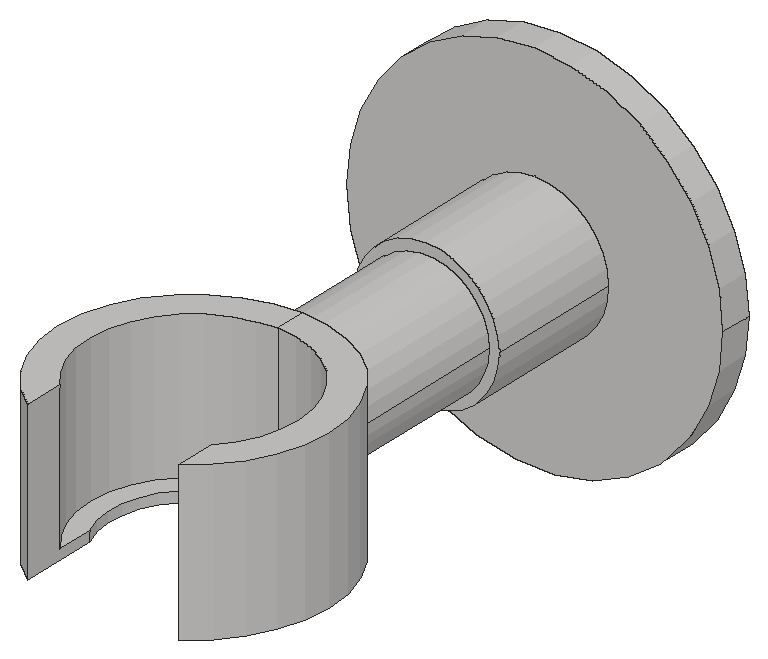
Revit family "T8", category Generic Models, Revit 2021
Family settings
  Can host rebar = No
  Round Connector Dimension = Use Diameter
  Part Type = Normal
  Work Plane-Based = No
  Always vertical = Yes
  Cut with Voids When Loaded = No
  Shared = No
  Room Calculation Point = No
Parameters (values of type "Standard")
  e-mail = "info@vola.com"
  URL = "http://vola.com"
  Telephone = "+45 7023 5500"
  Quality management standard = "ISO 9001"
  Organisation no. / DUNS no. = "17531328"
  Occupational health and safety management standard = "ISO 18001"
  Mounting Instructions = "http://vola.com/service/producturl.ashx?name=T8"
  Model = "T8"
  Materials and components information = "http://vola.com/service/producturl.ashx?name=T8"
  Manufacturer = "VOLA A/S"
  Maintenance Instructions = "http://vola.com/service/producturl.ashx?name=T8"
  Guarantee = "2 years"
  Environmental management standard = "ISO 14000"
  Default Elevation = 0.00 mm
  Connection - All relevant connections = ""
  Approvals = "http://vola.com/service/producturl.ashx?name=T8"
Reference planes
  plane 1 "Center (Front/Back)": y = 0
  plane 2: z = 0
  plane 3 "Center (Left/Right)": x = 0
Forms (mm)
  Extrusion 1, solid, material "Stainless Steel"
    sketch origin (0, 0, 0) x (1, 0, 0) y (0, 0, 1)
      loop
        circle (0, 0) r 18
    from 0 to 3
  Extrusion 2, solid, material "Stainless Steel"
    sketch origin (0, -3, 0) x (1, 0, 0) y (0, 0, 1)
      loop
        circle (0, 0) r 7
    from 0 to 13
  Extrusion 3, solid, material "Stainless Steel"
    sketch origin (0, -16, 0) x (1, 0, 0) y (0, 0, 1)
      loop
        circle (0, 0) r 6
    from 0 to 16.859
  Revolve 4, solid, material "Stainless Steel"
    sketch origin (0, 5.41, 0) x (0, 1, 0) y (0, 0, 1)
      loop
        line (-41.21, -7.5) -> (-36.21, -7.5) -> (-36.21, 7.5) -> (-39.21, 7.5) -> (-39.21, -6.5) -> (-41.21, -6.5) -> (-41.21, -7.5)
      axis (-49.21, -7.5) -> (-49.21, 7.5)
    angle from 0 to 360
  Extrusion 5, void
    sketch origin (0, 5.41, 0) x (1, 0, 0) y (0, 1, 0)
      loop
        line (-7.25, -52.592) -> (-7.25, -63.606) -> (7.25, -63.606) -> (7.25, -52.592) -> (-7.25, -52.592)
    from -8.498 to 9.027
Cuts and joins
  Extrusion 5 cuts Revolve 4
  joined: Extrusion 3, Revolve 4
Dimensions and locks
  aligned and locked: plane 2 to level
